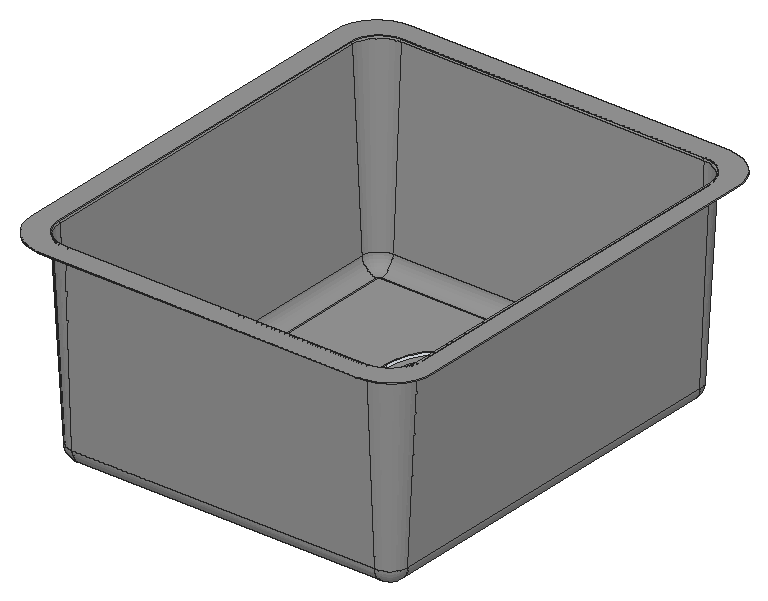
Revit family "SKS-KU400", category Plumbing Fixtures, host Face, Revit 2015
Parameters
  URL = "seima.com.au"
  Model = "SKS-KU400"
  Manufacturer = "SEIMA"
  Default Elevation = 900 mm
Reference planes
  plane 1 "Centro (Frente/Trás)": y = 0
  plane 2: z = 0
  plane 3 "Centro (Esquerda/Direita)": x = 0
  plane 4 "drain": z = -240.782
Forms (mm)
  Extrusion 1, solid, material "Padrão", not visible, detail levels fine
    sketch origin (0, 0, 0) x (1, 0, 0) y (0, 1, 0)
      loop
        line (-1500, 1500) -> (-1500, -1500) -> (1500, -1500) -> (1500, 1500) -> (-1500, 1500)
      loop
        line (-1450, 1450) -> (-1450, -1450) -> (1450, -1450) -> (1450, 1450) -> (-1450, 1450)
    from 0 to -175.6
  Extrusion 2, solid, material "SEIMA_STAINLESS_STEEL"
    sketch origin (0, 0, 0) x (1, 0, 0) y (0, 1, 0)
      loop
        line (152, 147) -> (-152, 147)
        arc (-152, 147) -> (-180.284, 135.284) -> (-192, 107) r 40
        line (-192, 107) -> (-192, -257)
        arc (-192, -257) -> (-180.284, -285.284) -> (-152, -297) r 40
        line (-152, -297) -> (152, -297)
        arc (152, -297) -> (180.284, -285.284) -> (192, -257) r 40
        line (192, -257) -> (192, 107)
        arc (192, 107) -> (180.284, 135.284) -> (152, 147) r 40
      loop
        spline (-144.91, 127.372) -> (-148.498, 127.138) -> (-152.023, 126.437) -> (-155.425, 125.283) -> (-158.647, 123.696) -> (-161.633, 121.701) -> (-164.333, 119.333) -> (-166.701, 116.633) -> (-168.696, 113.647) -> (-170.283, 110.425) -> (-171.437, 107.023) -> (-172.138, 103.498) -> (-172.372, 99.91)
        line (-172.372, 99.91) -> (-172.372, -249.91)
        spline (-172.372, -249.91) -> (-172.138, -253.498) -> (-171.437, -257.023) -> (-170.283, -260.425) -> (-168.696, -263.647) -> (-166.701, -266.633) -> (-164.333, -269.333) -> (-161.633, -271.701) -> (-158.647, -273.696) -> (-155.425, -275.283) -> (-152.023, -276.437) -> (-148.498, -277.138) -> (-144.91, -277.372)
        line (-144.91, -277.372) -> (144.91, -277.372)
        spline (144.91, -277.372) -> (148.498, -277.138) -> (152.023, -276.437) -> (155.425, -275.283) -> (158.647, -273.696) -> (161.633, -271.701) -> (164.333, -269.333) -> (166.701, -266.633) -> (168.696, -263.647) -> (170.283, -260.425) -> (171.437, -257.023) -> (172.138, -253.498) -> (172.372, -249.91)
        line (172.372, -249.91) -> (172.372, 99.91)
        spline (172.372, 99.91) -> (172.138, 103.498) -> (171.437, 107.023) -> (170.283, 110.425) -> (168.696, 113.647) -> (166.701, 116.633) -> (164.333, 119.333) -> (161.633, 121.701) -> (158.647, 123.696) -> (155.425, 125.283) -> (152.023, 126.437) -> (148.498, 127.138) -> (144.91, 127.372)
        line (144.91, 127.372) -> (-144.91, 127.372)
    from -0.8 to 0
  Sweep 3, solid, material "SEIMA_STAINLESS_STEEL"
    path origin (0, 0, -221.582) x (1, 0, 0) y (0, 1, 0)
      loop
        spline (172.372, 99.91) -> (172.138, 103.498) -> (171.437, 107.023) -> (170.283, 110.425) -> (168.696, 113.647) -> (166.701, 116.633) -> (164.333, 119.333) -> (161.633, 121.701) -> (158.647, 123.696) -> (155.425, 125.283) -> (152.023, 126.437) -> (148.498, 127.138) -> (144.91, 127.372)
        line (144.91, 127.372) -> (-144.91, 127.372)
        spline (-144.91, 127.372) -> (-148.498, 127.138) -> (-152.023, 126.437) -> (-155.425, 125.283) -> (-158.647, 123.696) -> (-161.633, 121.701) -> (-164.333, 119.333) -> (-166.701, 116.633) -> (-168.696, 113.647) -> (-170.283, 110.425) -> (-171.437, 107.023) -> (-172.138, 103.498) -> (-172.372, 99.91)
        line (-172.372, 99.91) -> (-172.372, -249.91)
        spline (-172.372, -249.91) -> (-172.138, -253.498) -> (-171.437, -257.023) -> (-170.283, -260.425) -> (-168.696, -263.647) -> (-166.701, -266.633) -> (-164.333, -269.333) -> (-161.633, -271.701) -> (-158.647, -273.696) -> (-155.425, -275.283) -> (-152.023, -276.437) -> (-148.498, -277.138) -> (-144.91, -277.372)
        line (-144.91, -277.372) -> (144.91, -277.372)
        spline (144.91, -277.372) -> (148.498, -277.138) -> (152.023, -276.437) -> (155.425, -275.283) -> (158.647, -273.696) -> (161.633, -271.701) -> (164.333, -269.333) -> (166.701, -266.633) -> (168.696, -263.647) -> (170.283, -260.425) -> (171.437, -257.023) -> (172.138, -253.498) -> (172.372, -249.91)
        line (172.372, -249.91) -> (172.372, 99.91)
    profile origin (172.372, -75, -221.582) x (1, 0, 0) y (0, 0, 1)
      loop
        line (0, 219.982) -> (0, 220.782)
        spline (0, 220.782) -> (-0.178, 220.767) -> (-0.353, 220.729) -> (-0.521, 220.668) -> (-0.68, 220.582) -> (-0.824, 220.474) -> (-0.951, 220.348) -> (-1.06, 220.208) -> (-1.153, 220.055) -> (-1.23, 219.892) -> (-1.294, 219.719) -> (-1.346, 219.537) -> (-1.388, 219.345)
        line (-1.388, 219.345) -> (-10.598, 41.606)
        arc (-10.598, 41.606) -> (-15.249, 31.505) -> (-25.578, 27.382) r 15
        line (-25.578, 27.382) -> (-25.578, 26.582)
        arc (-25.578, 26.582) -> (-14.699, 30.925) -> (-9.799, 41.565) r 15.8
        line (-9.799, 41.565) -> (-0.586, 219.347) -> (0, 219.982)
  Extrusion 4, solid, material "SEIMA_STAINLESS_STEEL"
    sketch origin (0, 0, 0) x (1, 0, 0) y (0, 1, 0)
      loop
        circle (0, 0) r 59.669
      loop
        spline (146.794, 99.91) -> (146.778, 100.164) -> (146.729, 100.409) -> (146.65, 100.644) -> (146.542, 100.863) -> (146.407, 101.065) -> (146.247, 101.247) -> (146.065, 101.407) -> (145.863, 101.542) -> (145.644, 101.65) -> (145.409, 101.729) -> (145.164, 101.778) -> (144.91, 101.794)
        line (144.91, 101.794) -> (-144.91, 101.794)
        spline (-144.91, 101.794) -> (-145.164, 101.778) -> (-145.409, 101.729) -> (-145.644, 101.65) -> (-145.863, 101.542) -> (-146.065, 101.407) -> (-146.247, 101.247) -> (-146.407, 101.065) -> (-146.542, 100.863) -> (-146.65, 100.644) -> (-146.729, 100.409) -> (-146.778, 100.164) -> (-146.794, 99.91)
        line (-146.794, 99.91) -> (-146.794, -249.91)
        spline (-146.794, -249.91) -> (-146.778, -250.164) -> (-146.729, -250.409) -> (-146.65, -250.644) -> (-146.542, -250.863) -> (-146.407, -251.065) -> (-146.247, -251.247) -> (-146.065, -251.407) -> (-145.863, -251.542) -> (-145.644, -251.65) -> (-145.409, -251.729) -> (-145.164, -251.778) -> (-144.91, -251.794)
        line (-144.91, -251.794) -> (144.91, -251.794)
        spline (144.91, -251.794) -> (145.164, -251.778) -> (145.409, -251.729) -> (145.644, -251.65) -> (145.863, -251.542) -> (146.065, -251.407) -> (146.247, -251.247) -> (146.407, -251.065) -> (146.542, -250.863) -> (146.65, -250.644) -> (146.729, -250.409) -> (146.778, -250.164) -> (146.794, -249.91)
        line (146.794, -249.91) -> (146.794, 99.91)
    from -195 to -194.2
  Sweep 5, solid
    path origin (0, 0, -24.198) x (1, 0, 0) y (0, 1, 0)
      loop
        circle (0, 0) r 59.669
    profile origin (0, 59.669, -24.198) x (0, -1, 0) y (0, 0, 1)
      loop
        line (0, -170.002) -> (0, -171.002) -> (3.149, -174.151) -> (14.172, -175.988) -> (14.172, -174.988) -> (3.149, -173.151) -> (0, -170.002)
Dimensions and locks
  aligned and locked: plane 2 to Extrusion 1
  aligned and locked: level to Extrusion 1
Nested families
  nested 1: "basket_waste" at (0, 0, -195.782), type "basket_waste", detail levels fine
Connectors
  piping at (0, 0, -240.782), diameter 40
    settings: index 1, connector inside diameter 609.6 mm, connector length 0 mm, flow factor 0, pipe flow 0.0 L/s, pressure drop 0.0 Pa, fitting loss kfactor 0, connector angle 0.00°, fixture units 0, engagement length 0 mm, angle of deflection 0.00°, flow configuration 0, flow direction 2, fitting loss method 0, system type 16, joint type 0, gender type 0, connector reference index -1, connector utility 0, adjustable connector no, is connector primary yes, connector description ""
Definition of nested family "basket_waste"
  Parameters (values of type "basket_waste")
    Default Elevation = 1219.2 mm
  Reference planes
    plane 1 "Centro (Frente/Trás)": y = 0
    plane 2: z = 0
    plane 3 "Centro (Esquerda/Direita)": x = 0
  Forms (mm)
    Extrusion 1, solid
      sketch origin (0, 0, 0) x (1, 0, 0) y (0, 1, 0)
        loop
          line (-120, 140) -> (-120, -133.115) -> (112.501, -133.115) -> (112.501, 140) -> (-120, 140)
      from 0 to -304.8
    Revolve 2, solid
      sketch origin (0, 0, 0) x (0, 1, 0) y (0, 0, 1)
        loop
          line (-50.396, 0) -> (-57.813, 0) -> (-43.273, -1.577)
          arc (-43.273, -1.577) -> (-40.091, -3.209) -> (-38.812, -6.548) r 5
          line (-38.812, -6.548) -> (-38.813, -20)
          arc (-38.813, -20) -> (-36.08, -26.869) -> (-29.375, -29.984) r 10
          arc (-29.375, -29.984) -> (-25.823, -31.659) -> (-24.375, -35.3) r 5.3
          line (-24.375, -35.3) -> (-24.375, -41.7)
          arc (-24.375, -41.7) -> (-23.408, -44.033) -> (-21.075, -45) r 3.3
          line (-21.075, -45) -> (0, -45) -> (0, -44.2) -> (-21.075, -44.2)
          arc (-21.075, -44.2) -> (-22.843, -43.468) -> (-23.575, -41.7) r 2.5
          line (-23.575, -41.7) -> (-23.575, -35.3)
          arc (-23.575, -35.3) -> (-25.242, -31.11) -> (-29.332, -29.21) r 6.1
          arc (-29.332, -29.21) -> (-35.498, -26.32) -> (-38.013, -20) r 9.2
          line (-38.013, -20) -> (-38.012, -6.548)
          arc (-38.012, -6.548) -> (-39.496, -2.675) -> (-43.187, -0.782) r 5.8
          line (-43.187, -0.782) -> (-50.396, 0)
        axis (0, 0) -> (0, -45)
      angle from 0 to 360
    Revolve 3, solid
      sketch origin (0, 0, 0) x (0, 1, 0) y (0, 0, 1)
        loop
          line (-20.985, -33.693) -> (0, -33.693) -> (0, -14.506) -> (-6.884, -14.506)
          arc (-6.884, -14.506) -> (-7.986, -14.962) -> (-8.442, -16.064) r 1.558
          line (-8.442, -16.064) -> (-6.571, -16.064)
          spline (-6.571, -16.064) -> (-6.214, -17.343) -> (-5.932, -18.652) -> (-5.723, -19.991) -> (-5.588, -21.36) -> (-5.527, -22.759) -> (-5.541, -24.188) -> (-5.628, -25.648) -> (-5.79, -27.137) -> (-6.025, -28.656) -> (-6.335, -30.205) -> (-6.719, -31.784) -> (-7.177, -33.393)
          line (-7.177, -33.393) -> (-20.792, -33.393)
          spline (-20.792, -33.393) -> (-21.995, -31.218) -> (-23.476, -29.492) -> (-25.148, -28.128) -> (-26.926, -27.035) -> (-28.727, -26.123) -> (-30.47, -25.298) -> (-32.074, -24.468) -> (-33.466, -23.552) -> (-34.575, -22.468) -> (-35.333, -21.13) -> (-35.684, -19.424) -> (-35.551, -17.238)
          arc (-35.551, -17.238) -> (-35.791, -16.502) -> (-36.46, -16.113) r 1.086
          arc (-36.46, -16.113) -> (-36.013, -16.568) -> (-35.849, -17.185) r 1.246
          spline (-35.849, -17.185) -> (-35.994, -19.459) -> (-35.625, -21.267) -> (-34.82, -22.699) -> (-33.659, -23.846) -> (-32.22, -24.8) -> (-30.582, -25.651) -> (-28.823, -26.49) -> (-27.023, -27.409) -> (-25.261, -28.497) -> (-23.614, -29.847) -> (-22.163, -31.548) -> (-20.985, -33.693)
        axis (0, -14.506) -> (0, -33.693)
      angle from 0 to 360
    Extrusion 4, void
      sketch origin (0, 0, 0) x (1, 0, 0) y (0, 1, 0)
        loop
          spline (-1, -32.405) -> (-0.966, -32.69) -> (-0.866, -32.957) -> (-0.707, -33.185) -> (-0.5, -33.361) -> (-0.259, -33.471) -> (0, -33.509) -> (0.259, -33.471) -> (0.5, -33.361) -> (0.707, -33.185) -> (0.866, -32.957) -> (0.966, -32.69) -> (1, -32.405)
          line (1, -32.405) -> (1, -12.995)
          spline (1, -12.995) -> (0.966, -12.709) -> (0.866, -12.443) -> (0.707, -12.214) -> (0.5, -12.038) -> (0.259, -11.928) -> (0, -11.89) -> (-0.259, -11.928) -> (-0.5, -12.038) -> (-0.707, -12.214) -> (-0.866, -12.443) -> (-0.966, -12.709) -> (-1, -12.995)
          line (-1, -12.995) -> (-1, -32.405)
        loop
          spline (10.143, -30.792) -> (10.273, -31.049) -> (10.458, -31.265) -> (10.686, -31.426) -> (10.94, -31.52) -> (11.205, -31.541) -> (11.461, -31.488) -> (11.691, -31.364) -> (11.88, -31.178) -> (12.015, -30.942) -> (12.086, -30.673) -> (12.088, -30.389) -> (12.023, -30.108)
          line (12.023, -30.108) -> (5.384, -11.869)
          spline (5.384, -11.869) -> (5.254, -11.612) -> (5.069, -11.396) -> (4.842, -11.235) -> (4.587, -11.141) -> (4.323, -11.12) -> (4.067, -11.173) -> (3.836, -11.297) -> (3.648, -11.483) -> (3.513, -11.719) -> (3.442, -11.988) -> (3.439, -12.273) -> (3.505, -12.553)
          line (3.505, -12.553) -> (10.143, -30.792)
        loop
          spline (20.063, -25.466) -> (20.273, -25.663) -> (20.521, -25.803) -> (20.79, -25.876) -> (21.061, -25.877) -> (21.317, -25.807) -> (21.539, -25.669) -> (21.713, -25.474) -> (21.827, -25.235) -> (21.873, -24.967) -> (21.848, -24.69) -> (21.753, -24.421) -> (21.595, -24.181)
          line (21.595, -24.181) -> (9.119, -9.312)
          spline (9.119, -9.312) -> (8.909, -9.115) -> (8.661, -8.975) -> (8.393, -8.902) -> (8.121, -8.901) -> (7.865, -8.971) -> (7.643, -9.109) -> (7.469, -9.304) -> (7.355, -9.543) -> (7.309, -9.811) -> (7.335, -10.088) -> (7.429, -10.356) -> (7.587, -10.597)
          line (7.587, -10.597) -> (20.063, -25.466)
        loop
          spline (27.563, -17.068) -> (27.828, -17.182) -> (28.108, -17.228) -> (28.386, -17.205) -> (28.641, -17.114) -> (28.858, -16.96) -> (29.02, -16.754) -> (29.116, -16.512) -> (29.141, -16.247) -> (29.093, -15.98) -> (28.974, -15.728) -> (28.794, -15.509) -> (28.563, -15.336)
          line (28.563, -15.336) -> (11.754, -5.631)
          spline (11.754, -5.631) -> (11.489, -5.518) -> (11.209, -5.471) -> (10.931, -5.495) -> (10.676, -5.586) -> (10.459, -5.74) -> (10.297, -5.945) -> (10.201, -6.188) -> (10.176, -6.452) -> (10.224, -6.719) -> (10.343, -6.971) -> (10.523, -7.191) -> (10.754, -7.363)
          line (10.754, -7.363) -> (27.563, -17.068)
        loop
          spline (31.739, -6.612) -> (32.026, -6.628) -> (32.306, -6.576) -> (32.559, -6.459) -> (32.767, -6.285) -> (32.918, -6.067) -> (33, -5.819) -> (33.008, -5.557) -> (32.941, -5.301) -> (32.804, -5.066) -> (32.606, -4.87) -> (32.362, -4.725) -> (32.086, -4.642)
          line (32.086, -4.642) -> (12.971, -1.272)
          spline (12.971, -1.272) -> (12.684, -1.256) -> (12.404, -1.308) -> (12.151, -1.425) -> (11.942, -1.598) -> (11.792, -1.816) -> (11.71, -2.065) -> (11.702, -2.326) -> (11.769, -2.583) -> (11.906, -2.817) -> (12.103, -3.014) -> (12.348, -3.158) -> (12.624, -3.241)
          line (12.624, -3.241) -> (31.739, -6.612)
        loop
          spline (32.086, 4.642) -> (32.362, 4.725) -> (32.606, 4.87) -> (32.804, 5.066) -> (32.941, 5.301) -> (33.008, 5.557) -> (33, 5.819) -> (32.918, 6.067) -> (32.767, 6.285) -> (32.559, 6.459) -> (32.306, 6.576) -> (32.026, 6.628) -> (31.739, 6.612)
          line (31.739, 6.612) -> (12.624, 3.241)
          spline (12.624, 3.241) -> (12.348, 3.158) -> (12.103, 3.014) -> (11.906, 2.817) -> (11.769, 2.583) -> (11.702, 2.326) -> (11.71, 2.065) -> (11.792, 1.816) -> (11.942, 1.598) -> (12.151, 1.425) -> (12.404, 1.308) -> (12.684, 1.256) -> (12.971, 1.272)
          line (12.971, 1.272) -> (32.086, 4.642)
        loop
          spline (28.563, 15.336) -> (28.794, 15.509) -> (28.974, 15.728) -> (29.093, 15.98) -> (29.141, 16.247) -> (29.116, 16.512) -> (29.02, 16.754) -> (28.858, 16.96) -> (28.641, 17.114) -> (28.386, 17.205) -> (28.108, 17.228) -> (27.828, 17.182) -> (27.563, 17.068)
          line (27.563, 17.068) -> (10.754, 7.363)
          spline (10.754, 7.363) -> (10.523, 7.191) -> (10.343, 6.971) -> (10.224, 6.719) -> (10.176, 6.452) -> (10.201, 6.188) -> (10.297, 5.945) -> (10.459, 5.74) -> (10.676, 5.586) -> (10.931, 5.495) -> (11.209, 5.471) -> (11.489, 5.518) -> (11.754, 5.631)
          line (11.754, 5.631) -> (28.563, 15.336)
        loop
          spline (21.595, 24.181) -> (21.753, 24.421) -> (21.848, 24.69) -> (21.873, 24.967) -> (21.827, 25.235) -> (21.713, 25.474) -> (21.539, 25.669) -> (21.317, 25.807) -> (21.061, 25.877) -> (20.79, 25.876) -> (20.521, 25.803) -> (20.273, 25.663) -> (20.063, 25.466)
          line (20.063, 25.466) -> (7.587, 10.597)
          spline (7.587, 10.597) -> (7.429, 10.356) -> (7.335, 10.088) -> (7.309, 9.811) -> (7.355, 9.543) -> (7.469, 9.304) -> (7.643, 9.109) -> (7.865, 8.971) -> (8.121, 8.901) -> (8.393, 8.902) -> (8.661, 8.975) -> (8.909, 9.115) -> (9.119, 9.312)
          line (9.119, 9.312) -> (21.595, 24.181)
        loop
          spline (12.023, 30.108) -> (12.088, 30.389) -> (12.086, 30.673) -> (12.015, 30.942) -> (11.88, 31.178) -> (11.691, 31.364) -> (11.461, 31.488) -> (11.205, 31.541) -> (10.94, 31.52) -> (10.686, 31.426) -> (10.458, 31.265) -> (10.273, 31.049) -> (10.143, 30.792)
          line (10.143, 30.792) -> (3.505, 12.553)
          spline (3.505, 12.553) -> (3.439, 12.273) -> (3.442, 11.988) -> (3.513, 11.719) -> (3.648, 11.483) -> (3.836, 11.297) -> (4.067, 11.173) -> (4.323, 11.12) -> (4.587, 11.141) -> (4.842, 11.235) -> (5.069, 11.396) -> (5.254, 11.612) -> (5.384, 11.869)
          line (5.384, 11.869) -> (12.023, 30.108)
        loop
          spline (1, 32.405) -> (0.966, 32.69) -> (0.866, 32.957) -> (0.707, 33.185) -> (0.5, 33.361) -> (0.259, 33.471) -> (0, 33.509) -> (-0.259, 33.471) -> (-0.5, 33.361) -> (-0.707, 33.185) -> (-0.866, 32.957) -> (-0.966, 32.69) -> (-1, 32.405)
          line (-1, 32.405) -> (-1, 12.995)
          spline (-1, 12.995) -> (-0.966, 12.709) -> (-0.866, 12.443) -> (-0.707, 12.214) -> (-0.5, 12.038) -> (-0.259, 11.928) -> (0, 11.89) -> (0.259, 11.928) -> (0.5, 12.038) -> (0.707, 12.214) -> (0.866, 12.443) -> (0.966, 12.709) -> (1, 12.995)
          line (1, 12.995) -> (1, 32.405)
        loop
          line (-10.143, -30.792) -> (-3.505, -12.553)
          spline (-3.505, -12.553) -> (-3.439, -12.273) -> (-3.442, -11.988) -> (-3.513, -11.719) -> (-3.648, -11.483) -> (-3.836, -11.297) -> (-4.067, -11.173) -> (-4.323, -11.12) -> (-4.587, -11.141) -> (-4.842, -11.235) -> (-5.069, -11.396) -> (-5.254, -11.612) -> (-5.384, -11.869)
          line (-5.384, -11.869) -> (-12.023, -30.108)
          spline (-12.023, -30.108) -> (-12.088, -30.389) -> (-12.086, -30.673) -> (-12.015, -30.942) -> (-11.88, -31.178) -> (-11.691, -31.364) -> (-11.461, -31.488) -> (-11.205, -31.541) -> (-10.94, -31.52) -> (-10.686, -31.426) -> (-10.458, -31.265) -> (-10.273, -31.049) -> (-10.143, -30.792)
        loop
          line (-20.063, -25.466) -> (-7.587, -10.597)
          spline (-7.587, -10.597) -> (-7.429, -10.356) -> (-7.335, -10.088) -> (-7.309, -9.811) -> (-7.355, -9.543) -> (-7.469, -9.304) -> (-7.643, -9.109) -> (-7.865, -8.971) -> (-8.121, -8.901) -> (-8.393, -8.902) -> (-8.661, -8.975) -> (-8.909, -9.115) -> (-9.119, -9.312)
          line (-9.119, -9.312) -> (-21.595, -24.181)
          spline (-21.595, -24.181) -> (-21.753, -24.421) -> (-21.848, -24.69) -> (-21.873, -24.967) -> (-21.827, -25.235) -> (-21.713, -25.474) -> (-21.539, -25.669) -> (-21.317, -25.807) -> (-21.061, -25.877) -> (-20.79, -25.876) -> (-20.521, -25.803) -> (-20.273, -25.663) -> (-20.063, -25.466)
        loop
          line (-27.563, -17.068) -> (-10.754, -7.363)
          spline (-10.754, -7.363) -> (-10.523, -7.191) -> (-10.343, -6.971) -> (-10.224, -6.719) -> (-10.176, -6.452) -> (-10.201, -6.188) -> (-10.297, -5.945) -> (-10.459, -5.74) -> (-10.676, -5.586) -> (-10.931, -5.495) -> (-11.209, -5.471) -> (-11.489, -5.518) -> (-11.754, -5.631)
          line (-11.754, -5.631) -> (-28.563, -15.336)
          spline (-28.563, -15.336) -> (-28.794, -15.509) -> (-28.974, -15.728) -> (-29.093, -15.98) -> (-29.141, -16.247) -> (-29.116, -16.512) -> (-29.02, -16.754) -> (-28.858, -16.96) -> (-28.641, -17.114) -> (-28.386, -17.205) -> (-28.108, -17.228) -> (-27.828, -17.182) -> (-27.563, -17.068)
        loop
          line (-31.739, -6.612) -> (-12.624, -3.241)
          spline (-12.624, -3.241) -> (-12.348, -3.158) -> (-12.103, -3.014) -> (-11.906, -2.817) -> (-11.769, -2.583) -> (-11.702, -2.326) -> (-11.71, -2.065) -> (-11.792, -1.816) -> (-11.942, -1.598) -> (-12.151, -1.425) -> (-12.404, -1.308) -> (-12.684, -1.256) -> (-12.971, -1.272)
          line (-12.971, -1.272) -> (-32.086, -4.642)
          spline (-32.086, -4.642) -> (-32.362, -4.725) -> (-32.606, -4.87) -> (-32.804, -5.066) -> (-32.941, -5.301) -> (-33.008, -5.557) -> (-33, -5.819) -> (-32.918, -6.067) -> (-32.767, -6.285) -> (-32.559, -6.459) -> (-32.306, -6.576) -> (-32.026, -6.628) -> (-31.739, -6.612)
        loop
          line (-32.086, 4.642) -> (-12.971, 1.272)
          spline (-12.971, 1.272) -> (-12.684, 1.256) -> (-12.404, 1.308) -> (-12.151, 1.425) -> (-11.942, 1.598) -> (-11.792, 1.816) -> (-11.71, 2.065) -> (-11.702, 2.326) -> (-11.769, 2.583) -> (-11.906, 2.817) -> (-12.103, 3.014) -> (-12.348, 3.158) -> (-12.624, 3.241)
          line (-12.624, 3.241) -> (-31.739, 6.612)
          spline (-31.739, 6.612) -> (-32.026, 6.628) -> (-32.306, 6.576) -> (-32.559, 6.459) -> (-32.767, 6.285) -> (-32.918, 6.067) -> (-33, 5.819) -> (-33.008, 5.557) -> (-32.941, 5.301) -> (-32.804, 5.066) -> (-32.606, 4.87) -> (-32.362, 4.725) -> (-32.086, 4.642)
        loop
          line (-28.563, 15.336) -> (-11.754, 5.631)
          spline (-11.754, 5.631) -> (-11.489, 5.518) -> (-11.209, 5.471) -> (-10.931, 5.495) -> (-10.676, 5.586) -> (-10.459, 5.74) -> (-10.297, 5.945) -> (-10.201, 6.188) -> (-10.176, 6.452) -> (-10.224, 6.719) -> (-10.343, 6.971) -> (-10.523, 7.191) -> (-10.754, 7.363)
          line (-10.754, 7.363) -> (-27.563, 17.068)
          spline (-27.563, 17.068) -> (-27.828, 17.182) -> (-28.108, 17.228) -> (-28.386, 17.205) -> (-28.641, 17.114) -> (-28.858, 16.96) -> (-29.02, 16.754) -> (-29.116, 16.512) -> (-29.141, 16.247) -> (-29.093, 15.98) -> (-28.974, 15.728) -> (-28.794, 15.509) -> (-28.563, 15.336)
        loop
          line (-21.595, 24.181) -> (-9.119, 9.312)
          spline (-9.119, 9.312) -> (-8.909, 9.115) -> (-8.661, 8.975) -> (-8.393, 8.902) -> (-8.121, 8.901) -> (-7.865, 8.971) -> (-7.643, 9.109) -> (-7.469, 9.304) -> (-7.355, 9.543) -> (-7.309, 9.811) -> (-7.335, 10.088) -> (-7.429, 10.356) -> (-7.587, 10.597)
          line (-7.587, 10.597) -> (-20.063, 25.466)
          spline (-20.063, 25.466) -> (-20.273, 25.663) -> (-20.521, 25.803) -> (-20.79, 25.876) -> (-21.061, 25.877) -> (-21.317, 25.807) -> (-21.539, 25.669) -> (-21.713, 25.474) -> (-21.827, 25.235) -> (-21.873, 24.967) -> (-21.848, 24.69) -> (-21.753, 24.421) -> (-21.595, 24.181)
        loop
          line (-12.023, 30.108) -> (-5.384, 11.869)
          spline (-5.384, 11.869) -> (-5.254, 11.612) -> (-5.069, 11.396) -> (-4.842, 11.235) -> (-4.587, 11.141) -> (-4.323, 11.12) -> (-4.067, 11.173) -> (-3.836, 11.297) -> (-3.648, 11.483) -> (-3.513, 11.719) -> (-3.442, 11.988) -> (-3.439, 12.273) -> (-3.505, 12.553)
          line (-3.505, 12.553) -> (-10.143, 30.792)
          spline (-10.143, 30.792) -> (-10.273, 31.049) -> (-10.458, 31.265) -> (-10.686, 31.426) -> (-10.94, 31.52) -> (-11.205, 31.541) -> (-11.461, 31.488) -> (-11.691, 31.364) -> (-11.88, 31.178) -> (-12.015, 30.942) -> (-12.086, 30.673) -> (-12.088, 30.389) -> (-12.023, 30.108)
      from -35 to -13.692
    Extrusion 5, void
      sketch origin (0, 0, 0) x (1, 0, 0) y (0, 1, 0)
        loop
          circle (0.008, -0.062) r 3.997
        loop
          line (16.52, -10.641) -> (7.939, -7.679)
          arc (7.939, -7.679) -> (6.466, -8.962) -> (4.789, -9.965) r 10.997
          line (4.789, -9.965) -> (4.942, -19.041)
          arc (4.942, -19.041) -> (11.524, -15.934) -> (16.52, -10.641) r 19.61
        loop
          line (-4.95, -19.035) -> (-4.786, -9.958)
          arc (-4.786, -9.958) -> (-6.461, -8.954) -> (-7.933, -7.669) r 10.997
          line (-7.933, -7.669) -> (-16.518, -10.619)
          arc (-16.518, -10.619) -> (-11.529, -15.919) -> (-4.95, -19.035) r 19.61
        loop
          line (-19.568, -1.209) -> (-10.885, 1.44)
          arc (-10.885, 1.44) -> (-10.448, 3.344) -> (-9.68, 5.14) r 10.997
          line (-9.68, 5.14) -> (-15.139, 12.394)
          arc (-15.139, 12.394) -> (-18.638, 6.011) -> (-19.568, -1.209) r 19.61
        loop
          line (-7.132, 18.203) -> (-1.93, 10.763)
          arc (-1.93, 10.763) -> (0.016, 10.935) -> (1.961, 10.76) r 10.997
          line (1.961, 10.76) -> (7.173, 18.193)
          arc (7.173, 18.193) -> (0.021, 19.549) -> (-7.132, 18.203) r 19.61
        loop
          line (15.172, 12.373) -> (9.704, 5.127)
          arc (9.704, 5.127) -> (10.469, 3.33) -> (10.904, 1.425) r 10.997
          line (10.904, 1.425) -> (19.584, -1.235)
          arc (19.584, -1.235) -> (18.663, 5.986) -> (15.172, 12.373) r 19.61
      from -49.503 to -41.931
    Sweep 6, solid
      path origin (0, 0, 0) x (1, 0, 0) y (0, 1, 0)
        loop
          circle (0, 0) r 22
      profile origin (0, 22, 0) x (0, -1, 0) y (0, 0, 1)
        loop
          line (0.59, -45) -> (0.59, -47.5) -> (1.39, -47.5) -> (1.39, -45) -> (0.59, -45)
  Cuts and joins
    Extrusion 4 cuts Revolve 3
    Extrusion 5 cuts Revolve 2
  Dimensions and locks
    aligned and locked: plane 2 to Extrusion 1
    aligned and locked: level to Extrusion 1
